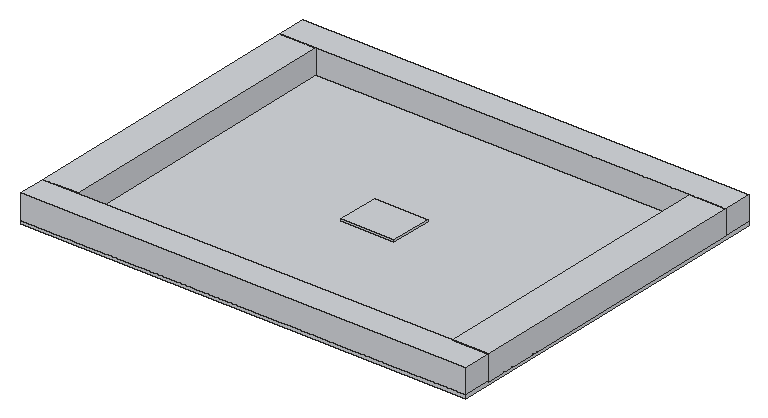
Revit family "GIS_OilContainment", category Modelos genéricos, Revit 2027
Family settings
  Pode hospedar o vergalhão = Não
  Cota do conector redondo = Utilizar diâmetro
  Tipo de parte = Normal
  Com base no plano de trabalho = Não
  Sempre na vertical = Sim
  Corte com vazios quando carregada = Não
  Manter orientação da anotação = Não
  Compartilhado = Não
  Ponto de cálculo do ambiente = Não
Parameters (values of type "OIL_CONTAINMENT_STUDY")
  Elevação padrão = 0 mm
  BIM_TensaoSecundaria_kV = 0
  BIM_TensaoNominal_kV = 0
  BIM_TensaoClasse_kV = 0
  BIM_TensaoClasseSecundaria_kV = 0
  BIM_Sistema_Elemento [instance] = ""
  BIM_ReferenciaCatalogo = "Portfolio estimate; oil volume and drainage study pending"
  BIM_Profundidade = 6500 mm
  BIM_Potencia_MVA = 0
  BIM_Localizacao [instance] = ""
  BIM_Largura = 8200 mm
  BIM_Impedancia_pu = 0
  BIM_FonteGeometria = "Portfolio estimate; oil volume and drainage study pending"
  BIM_Fabricante = "NAO SELECIONADO"
  BIM_EstadoGeometria = "ESTIMATED"
  BIM_EstadoEspecificacao = "PREMISSA / NAO SELECIONADO"
  BIM_DescricaoEstudo = "Contencao conceitual de oleo; capacidade e drenagem nao dimensionadas."
  BIM_CorrenteReferenciaSecundaria_A = 0
  BIM_CorrenteNominal_A = 0
  BIM_Bay [instance] = ""
  BIM_AlturaCorpoPrincipal = 55 mm
  BIM_Altura = 550 mm
Reference planes
  plane 1 "Centro (Frente/Trás)": y = 0
  plane 2: z = 0
  plane 3 "Centro (Esquerda/Direita)": x = 0
  plane 4 "BIM Left": x = -4100
  plane 5 "BIM Right": x = 4100
  plane 6 "BIM Front": y = -3250
  plane 7 "BIM Back": y = 3250
Forms (mm)
  Extrusion 1, solid
    sketch origin (0, 0, 0) x (1, 0, 0) y (0, 1, 0)
      loop
        line (-4100, -3250) -> (4100, -3250) -> (4100, 3250) -> (-4100, 3250) -> (-4100, -3250)
    from 0 to 55 <- "BIM_AlturaCorpoPrincipal"
  Extrusion 2, solid
    sketch origin (0, 0, 55) x (1, 0, 0) y (0, 1, 0)
      loop
        line (-4100, -3250) -> (4100, -3250) -> (4100, -2730) -> (-4100, -2730) -> (-4100, -3250)
    from 0 to 451
  Extrusion 3, solid
    sketch origin (0, 0, 55) x (1, 0, 0) y (0, 1, 0)
      loop
        line (-4100, 2730) -> (4100, 2730) -> (4100, 3250) -> (-4100, 3250) -> (-4100, 2730)
    from 0 to 451
  Extrusion 4, solid
    sketch origin (0, 0, 55) x (1, 0, 0) y (0, 1, 0)
      loop
        line (-4100, -2730) -> (-3444, -2730) -> (-3444, 2730) -> (-4100, 2730) -> (-4100, -2730)
    from 0 to 451
  Extrusion 5, solid
    sketch origin (0, 0, 55) x (1, 0, 0) y (0, 1, 0)
      loop
        line (3444, -2730) -> (4100, -2730) -> (4100, 2730) -> (3444, 2730) -> (3444, -2730)
    from 0 to 451
  Extrusion 6, solid
    sketch origin (0, 0, 55) x (1, 0, 0) y (0, 1, 0)
      loop
        line (-492, -390) -> (492, -390) -> (492, 390) -> (-492, 390) -> (-492, -390)
    from 0 to 33
Dimensions and locks
  "BIM_Largura": plane 4 "BIM Left" to plane 5 "BIM Right"
  "BIM_Profundidade": plane 6 "BIM Front" to plane 7 "BIM Back"
  aligned and locked: level to plane 2
  aligned and locked: plane 4 "BIM Left" to Extrusion 1
  aligned and locked: Extrusion 1 to plane 5 "BIM Right"
  aligned and locked: Extrusion 1 to plane 6 "BIM Front"
  aligned and locked: plane 7 "BIM Back" to Extrusion 1
Automatic sketch dimensions
  Extrusion 1 sketch curve to plane 4 "BIM Left" = 0 mm
  Extrusion 1 sketch curve to plane 5 "BIM Right" = 0 mm
  Extrusion 1 sketch curve to plane 6 "BIM Front" = 0 mm
  Extrusion 1 sketch curve to plane 7 "BIM Back" = 0 mm
  Extrusion 2 sketch curve to plane 4 "BIM Left" = 0 mm
  Extrusion 2 sketch curve to plane 5 "BIM Right" = 0 mm
  Extrusion 2 sketch curve to plane 6 "BIM Front" = 0 mm
  plane 6 "BIM Front" to Extrusion 2 sketch curve = 520 mm
  Extrusion 3 sketch curve to plane 4 "BIM Left" = 0 mm
  Extrusion 3 sketch curve to plane 5 "BIM Right" = 0 mm
  Extrusion 3 sketch curve to plane 7 "BIM Back" = 0 mm
  Extrusion 3 sketch curve to plane 7 "BIM Back" = 520 mm
  Extrusion 4 sketch curve to plane 4 "BIM Left" = 0 mm
  Extrusion 4 sketch curve to plane 4 "BIM Left" = 656 mm
  plane 6 "BIM Front" to Extrusion 4 sketch curve = 520 mm
  Extrusion 4 sketch curve to plane 7 "BIM Back" = 520 mm
  Extrusion 5 sketch curve to plane 5 "BIM Right" = 0 mm
  plane 5 "BIM Right" to Extrusion 5 sketch curve = 656 mm
  plane 6 "BIM Front" to Extrusion 5 sketch curve = 520 mm
  Extrusion 5 sketch curve to plane 7 "BIM Back" = 520 mm
  Extrusion 6 sketch curve to plane 3 "Centro (Esquerda/Direita)" = 492 mm
  plane 3 "Centro (Esquerda/Direita)" to Extrusion 6 sketch curve = 492 mm
  plane 1 "Centro (Frente/Trás)" to Extrusion 6 sketch curve = 390 mm
  Extrusion 6 sketch curve to plane 1 "Centro (Frente/Trás)" = 390 mm
